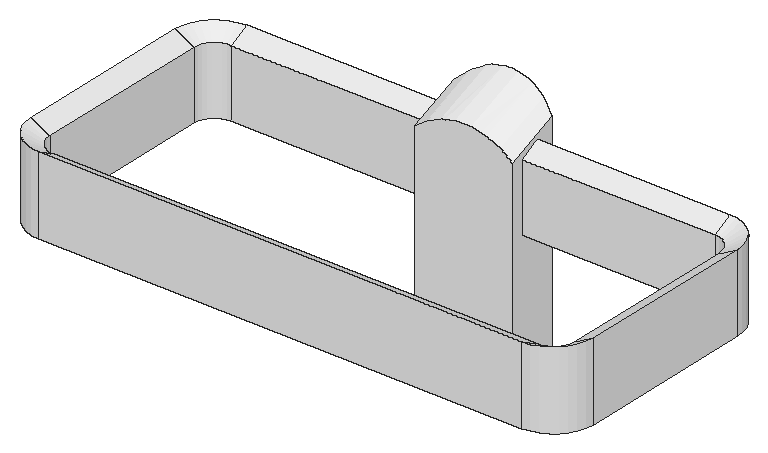
Revit family "Towel-Ring_Contemporary_Soiree_YR960_TOTO", category Furniture, host Face, Revit 2013
Parameters (values of type "YC970")
  ecoScorecard_data = " "
  ecoScorecard Product Page = "  "
  Width = 7 9/16"  # constant formula
  Warranty URL = "http://www.totousa.com/warranty-registration"
  Warranty = "Lifetime Limited Warranty (Residential Use), One Year Limited (Commercial Use)"  # constant formula
  URL = "http://www.totousa.com"
  Toto BIM Number = "BM-00234"  # constant formula
  Subcategory = "Accessories"  # constant formula
  Style = "Contemporary"  # constant formula
  Spec Sheet URL = "http://assets.totousa.com/product-files/SS-00061_SOIREE%20ACCESSORIES.pdf"
  Shipping Weight = 2.00 lbf
  Series = "Soiree"  # constant formula
  Product Page URL = " "
  Parts Manual URL = " "
  Owners Manual URL = "  "
  Model = "YR960"  # constant formula
  Manufacturer Toll Free Phone = "1-888-295-8134"  # constant formula
  Manufacturer Phone = "(770) 282-8686 "  # constant formula
  Manufacturer Fax = "(770) 282-0002"  # constant formula
  Manufacturer Email = "mailto:custservice@totousa.com "
  Manufacturer Address = "1155 Southern Road, Morrow, Georgia 30260"  # constant formula
  Manufacturer = "TOTO USA, Inc."  # constant formula
  Height = 3 7/8"  # constant formula
  Finish = Metal - TOTO - Chrome - Polished
  Description = "Towel Ring"  # constant formula
  Depth = 3 1/2"  # constant formula
  Default Elevation = 0"
  Cost Info = "mailto:custservice@totousa.com "
  Color Availability = "#CP  Polished Chrome, #BN  Brushed Nickel, #PN  Polished Nickel"  # constant formula
  CAD Drawing URL = "http://assets.totousa.com/product-files/AD-00118_YR960.dxf"
  Assembly Code = "C1030200"
  95 CSI = "10800"
  04 CSI = "10 28 00"
Reference planes (in)
  plane 1 "Center (Front/Back)": y = 0
  plane 2: z = 0
  plane 3 "Center (Left/Right)": x = 0
  plane 4: z = 3.5
Dimensions and locks (in)
  "Depth": plane 4 to host face
  aligned and locked: plane 2 to host face
  aligned and locked: level to host face
  aligned and locked: plane 1 "Center (Front/Back)" to nested 1
  aligned and locked: plane 3 "Center (Left/Right)" to nested 1
Automatic sketch dimensions
  host sketch curve to host sketch curve = 12.8174"
  host sketch curve to host sketch curve = 3.05051"
Nested families (in)
  nested 1: "YR960_TotoUSA" at (0, 0, 0), type "Polished Chrome"
Definition of nested family "YR960_TotoUSA"
  Parameters (values of type "Polished Chrome")
    ecoScorecard_data = ""
    ecoScorecard Product Page = ""
    URL = "http://www.totousa.com"
    Toto Version = "V.02"  # constant formula
    Toto BIM Number = "BM-00234"  # constant formula
    Subcategory = "Accessories"  # constant formula
    Shipping Weight = 2.00 lbf
    Series = "Soiree"  # constant formula
    Product URL = "http://www.totousa.com/ProductDetail/tabid/75/Default.aspx?ProductId=76616a55-44aa-46e9-8e83-84f2a73e7211&SearchId=1f77f76a-16d6-49d2-9c4e-c181a7ec12d0"
    Nominal Width = 7.55984"  # constant formula
    Nominal Height = 3.8874"  # constant formula
    Nominal Depth = 3.49252"  # constant formula
    Model = "YR960CP"
    Manufacturer = "TOTO"  # constant formula
    Finish = Metal - TOTO - Chrome - Polished
    Description = "Towel Ring"
    Default Elevation = 48"
    CADworks URL = "http://www.CADworks.net"
    Assembly Code = "C1030200"
  Types (4): name | Model | Finish
    (no name) | "YR960CP" | Metal - TOTO - Chrome - Polished
    Polished Chrome | "YR960CP" | Metal - TOTO - Chrome - Polished
    LifeKoat Brushed Nickel | "YR960BN" | none
    LifeKoat Polished Nickel | "YR960PN" | none
  Reference planes (in)
    plane 1 "Center (Front/Back)": y = 0
    plane 2: z = 0
    plane 3 "Center (Left/Right)": x = 0
    plane 4: z = 3.49252
    plane 5: z = 3.16772
    plane 6: x = -0.65591
    plane 7: x = 0.65591
    plane 8: y = -0.40394
    plane 9: y = 0.40394
    plane 10: x = -3.77992
    plane 11: x = 3.77992
    plane 12: z = 3.03622
    plane 13: z = 1.99272
    plane 14: y = -3.48346
  Forms (in)
    Extrusion 1, solid
      sketch origin (0, 0, 0) x (1, 0, 0) y (0, 1, 0)
        loop
          line (-4.72008, 1.51654) -> (-4.72008, -4.57718) -> (5.06182, -4.57718) -> (5.06182, 1.51654) -> (-4.72008, 1.51654)
      from 0 to -0.36055
    Blend 2, solid, material "Metal - TOTO - Chrome - Polished" <- "Finish"
      base sketch origin (12.06102, -0.13127, 92.27586) x (0, 0, 1) y (1, 0, 0)
        loop
          line (-92.27586, -12.71693) -> (-89.358, -12.71693)
          arc (-89.358, -12.71693) -> (-89.10814, -12.06102) -> (-89.358, -11.40512) r 0.98583
          line (-89.358, -11.40512) -> (-92.27586, -11.40512) -> (-92.27586, -12.71693)
      top sketch origin (12.06102, -0.13127, 92.27586) x (0, 0, 1) y (1, 0, 0)
        loop
          line (-92.27586, -12.71693) -> (-89.0332, -12.71693)
          arc (-89.0332, -12.71693) -> (-88.78334, -12.06102) -> (-89.0332, -11.40512) r 0.98583
          line (-89.0332, -11.40512) -> (-92.27586, -11.40512) -> (-92.27586, -12.71693)
      from -0.27266 to 0.53521
    Extrusion 3, void
      sketch origin (0, 0, 0) x (1, 0, 0) y (0, 1, 0)
        loop
          arc (-0.65591, 0.26116) -> (0, 0.40394) -> (0.65591, 0.26116) r 1.57795
          line (0.65591, 0.26116) -> (0.65591, 0.51362) -> (-0.65591, 0.51362) -> (-0.65591, 0.26116)
      from 0 to 3.49252
    Extrusion 4, solid, material "Metal - TOTO - Chrome - Polished" <- "Finish"
      sketch origin (0, 0, -0.08228) x (1, 0, 0) y (0, 1, 0)
        loop
          line (3.24882, 0) -> (-3.24882, 0)
          arc (-3.24882, 0) -> (-3.62436, -0.15556) -> (-3.77992, -0.5311) r 0.5311
          line (-3.77992, -0.5311) -> (-3.77992, -2.95236)
          arc (-3.77992, -2.95236) -> (-3.62436, -3.32791) -> (-3.24882, -3.48346) r 0.5311
          line (-3.24882, -3.48346) -> (3.24882, -3.48346)
          arc (3.24882, -3.48346) -> (3.62436, -3.32791) -> (3.77992, -2.95236) r 0.5311
          line (3.77992, -2.95236) -> (3.77992, -0.5311)
          arc (3.77992, -0.5311) -> (3.62436, -0.15556) -> (3.24882, 0) r 0.5311
        loop
          line (3.25433, -0.25) -> (-3.25433, -0.25)
          arc (-3.25433, -0.25) -> (-3.4492, -0.33072) -> (-3.52992, -0.52559) r 0.27559
          line (-3.52992, -0.52559) -> (-3.52992, -2.95787)
          arc (-3.52992, -2.95787) -> (-3.4492, -3.15275) -> (-3.25433, -3.23346) r 0.27559
          line (-3.25433, -3.23346) -> (3.25433, -3.23346)
          arc (3.25433, -3.23346) -> (3.4492, -3.15275) -> (3.52992, -2.95787) r 0.27559
          line (3.52992, -2.95787) -> (3.52992, -0.52559)
          arc (3.52992, -0.52559) -> (3.4492, -0.33072) -> (3.25433, -0.25) r 0.27559
      from 2.075 to 3.1185
    Blend 5, void
      base sketch origin (-60, -180, 3.12382) x (-1, 0, 0) y (0, -1, 0)
        loop
          arc (-56.74567, -179.75) -> (-56.5508, -179.66928) -> (-56.47008, -179.47441) r 0.27559
          line (-56.47008, -179.47441) -> (-56.47008, -177.04213)
          arc (-56.47008, -177.04213) -> (-56.5508, -176.84725) -> (-56.74567, -176.76654) r 0.27559
          line (-56.74567, -176.76654) -> (-63.25433, -176.76654)
          arc (-63.25433, -176.76654) -> (-63.4492, -176.84725) -> (-63.52992, -177.04213) r 0.27559
          line (-63.52992, -177.04213) -> (-63.52992, -179.47441)
          arc (-63.52992, -179.47441) -> (-63.4492, -179.66928) -> (-63.25433, -179.75) r 0.27559
          line (-63.25433, -179.75) -> (-56.74567, -179.75)
      top sketch origin (-60, -180, 3.12382) x (-1, 0, 0) y (0, -1, 0)
        loop
          line (-63.24882, -180) -> (-56.75118, -180)
          arc (-56.75118, -180) -> (-56.37564, -179.84444) -> (-56.22008, -179.4689) r 0.5311
          line (-56.22008, -179.4689) -> (-56.22008, -177.04764)
          arc (-56.22008, -177.04764) -> (-56.37564, -176.67209) -> (-56.75118, -176.51654) r 0.5311
          line (-56.75118, -176.51654) -> (-63.24882, -176.51654)
          arc (-63.24882, -176.51654) -> (-63.62436, -176.67209) -> (-63.77992, -177.04764) r 0.5311
          line (-63.77992, -177.04764) -> (-63.77992, -179.4689)
          arc (-63.77992, -179.4689) -> (-63.62436, -179.84444) -> (-63.24882, -180) r 0.5311
      from -0.22287 to -0.0876
  Cuts and joins
    Extrusion 3 cuts Blend 2
    Blend 5 cuts Extrusion 4
    joined: Blend 2, Extrusion 4
  Dimensions and locks (in)
    "Nominal Depth": plane 4 to plane 2
    locked: plane 5 to plane 2 at 3.16772
    locked: Blend 2 sketch curve to level at 0  (x2)
    locked: Blend 2 sketch curve to plane 3 "Center (Left/Right)" at 0  (x2)
    locked: plane 7 to Blend 2 sketch curve at 0  (x2)
    locked: Blend 2 sketch curve to plane 6 at 0  (x2)
    locked: plane 13 to Blend 2 sketch curve at 0.18917
    locked: Blend 2 sketch curve to plane 12 at 0.11837
    locked: plane 13 to Blend 2 sketch curve at 0.51398
    locked: plane 5 to Blend 2 sketch curve at 0.07494
    locked: Extrusion 3 sketch curve to plane 6 at 0
    locked: Extrusion 3 sketch curve to plane 3 "Center (Left/Right)" at 0
    locked: Extrusion 3 sketch curve to plane 7 at 0
    locked: Extrusion 3 sketch curve to plane 8 at 0.77008
    locked: plane 9 to Extrusion 3 sketch curve at 0.14278
    locked: Extrusion 3 sketch curve to plane 9 at 0.10968
    "Nominal Width": plane 11 to plane 10
    equal spacing: plane 11, plane 3 "Center (Left/Right)", plane 10
    "Nominal Height": plane 14 to plane 9
    locked: Extrusion 4 sketch curve to plane 10 at 0
    locked: plane 1 "Center (Front/Back)" to Extrusion 4 sketch curve at 0
    locked: Extrusion 4 sketch curve to plane 11 at 0
    locked: plane 10 to Extrusion 4 sketch curve at 0.25
    locked: plane 8 to Extrusion 4 sketch curve at 0.15394
    locked: Extrusion 4 sketch curve to Extrusion 4 sketch curve at 0.27559  (x2)
    locked: Extrusion 4 sketch curve to Extrusion 4 sketch curve at 0.00551  (x4)
    locked: plane 11 to Extrusion 4 sketch curve at 0.5311
    locked: Extrusion 4 sketch curve to Extrusion 4 sketch curve at 0.5311
    locked: plane 11 to Extrusion 4 sketch curve at 0.25
    locked: Extrusion 4 sketch curve to plane 14 at 0.25
    locked: plane 8 to Blend 5 sketch curve at 0.15394
    locked: Blend 5 sketch curve to plane 8 at 0.12165  (x2)
    locked: plane 10 to Blend 5 sketch curve at 0.52559
    locked: Blend 5 sketch curve to plane 14 at 0.52559
    locked: Blend 5 sketch curve to Blend 5 sketch curve at 0.27559
    locked: plane 11 to Blend 5 sketch curve at 0.52559
    locked: plane 11 to Blend 5 sketch curve at 0.25
    locked: plane 8 to plane 14 at 3.07953
    locked: plane 1 "Center (Front/Back)" to plane 9 at 0.40394
    locked: plane 6 to plane 7 at 1.31181
    equal spacing: plane 6, plane 3 "Center (Left/Right)", plane 7
    locked: plane 12 to plane 2 at 3.03622
    locked: cut or joined group of Blend 2, Extrusion 3, Extrusion 4, Blend 5 to plane 12 at 0.13527
    aligned and locked: plane 2 to Extrusion 1
    aligned and locked: level to Extrusion 1
    aligned and locked: plane 4 to Extrusion 3
    aligned and locked: plane 14 to Extrusion 4 sketch curve
    aligned and locked: plane 12 to Blend 5
    aligned and locked: cut or joined group of Blend 2, Extrusion 3, Extrusion 4, Blend 5 to plane 8
    aligned and locked: cut or joined group of Blend 2, Extrusion 3, Extrusion 4, Blend 5 to plane 7
    aligned and locked: cut or joined group of Blend 2, Extrusion 3, Extrusion 4, Blend 5 to plane 6
    aligned and locked: cut or joined group of Blend 2, Extrusion 3, Extrusion 4, Blend 5 to plane 1 "Center (Front/Back)"  (x2)
    aligned and locked: cut or joined group of Blend 2, Extrusion 3, Extrusion 4, Blend 5 to plane 11
    aligned and locked: cut or joined group of Blend 2, Extrusion 3, Extrusion 4, Blend 5 to plane 10
    aligned and locked: plane 14 to cut or joined group of Blend 2, Extrusion 3, Extrusion 4, Blend 5
    aligned and locked: plane 12 to cut or joined group of Blend 2, Extrusion 3, Extrusion 4, Blend 5  (x3)
    aligned and locked: cut or joined group of Blend 2, Extrusion 3, Extrusion 4, Blend 5 to plane 13
    aligned and locked: cut or joined group of Blend 2, Extrusion 3, Extrusion 4, Blend 5 to plane 12
    aligned and locked: plane 13 to cut or joined group of Blend 2, Extrusion 3, Extrusion 4, Blend 5
    aligned and locked: plane 8 to cut or joined group of Blend 2, Extrusion 3, Extrusion 4, Blend 5
    aligned and locked: cut or joined group of Blend 2, Extrusion 3, Extrusion 4, Blend 5 to plane 9
    aligned and locked: Extrusion 3 to level
  Automatic sketch dimensions
    Extrusion 1 sketch curve to Extrusion 1 sketch curve = 9.7819"
    Extrusion 1 sketch curve to Extrusion 1 sketch curve = 6.09372"
    Blend 5 sketch curve to plane 11 = 0"
    plane 1 "Center (Front/Back)" to Blend 5 sketch curve = 0"
    Blend 5 sketch curve to plane 8 = 0.12717"  (x2)
    Blend 5 sketch curve to plane 14 = 0.5311"
    plane 14 to Blend 5 sketch curve = 0"
    plane 10 to Blend 5 sketch curve = 0.5311"
    Blend 5 sketch curve to plane 10 = 0"
